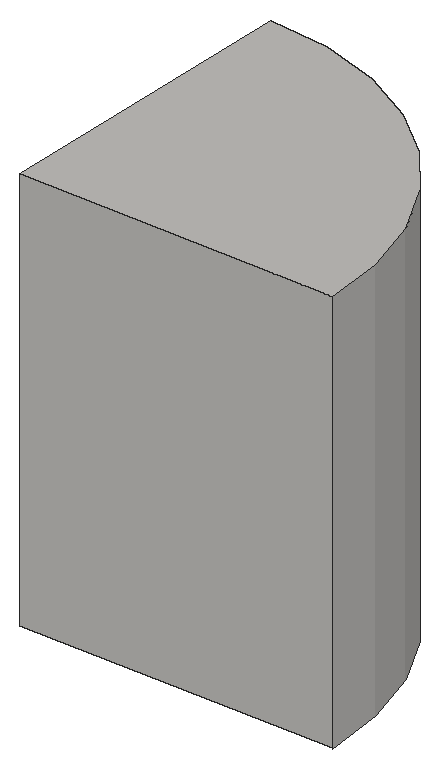
Revit family "Bench_Curved_Noble", category Specialty Equipment, host Face, Revit 2017
Family settings
  Host = Face
  Round Connector Dimension = Use Diameter
  Part Type = Normal
  OmniClass Number = 23.45.55.21
  OmniClass Title = Drains (Wastes)
  Cut with Voids When Loaded = No
  Shared = No
  Room Calculation Point = No
Parameters (values of type "Curved #406")
  Width = 32 1/2"
  URL = "www.noblecompany.com"
  Type Comments = ""
  Triangle = yes
  Tile [instance] = Stainless Steel - Brushed
  Radius = 15 1/2"
  Product Properties = "http://www.noblecompany.com/Portals/0/PRODUCT%20INFO/Product%20Descriptions/FreeStyle%20Linear%20Drain%20Product%20Decription%200410.pdf"
  Product Data = "http://www.noblecompany.com/Products/ShowerProducts/tabid/59/Default.aspx"
  Model = ""
  Manufacturer Phone - Toll Free = "800-878-5788"
  Manufacturer Phone = "231-799-8000"
  Manufacturer Fax = "231-799-8850"
  Manufacturer Email = "mailto:sales@noblecompany.com"
  Manufacturer Address = "7300 Enterprise Drive, Spring Lake, MI  49456 USA"
  Manufacturer = "Noble Company"
  Length = 32 1/2"
  Installation-Fabrication = "http://www.noblecompany.com/Portals/0/PRODUCT%20INFO/Product%20Descriptions/FreeStyle%20Linear%20Drain%20Product%20Decription%200410.pdf"
  Height = 20"
  Description = ""
  Building Codes = "http://www.noblecompany.com/Portals/0/TECHNICAL%20INFO/Listing_Testing_Certification_Reports/PMG-1065%20Noble%20Company%20Linear%20Drain%20final%202.pdf"
  Base = Polymer coated Expanded Polystyrene
  Assembly Code = "D2030300"
  Default Elevation = 0"
Reference planes (in)
  plane 1 "Center (Front/Back)": y = 0
  plane 2: z = 0
  plane 3 "Center (Left/Right)": x = 0
  plane 4: x = 15.5
  plane 5: y = 15.5
  plane 6: z = 20
Forms (in)
  Extrusion 1, solid, material "Polymer coated Expanded Polystyrene" <- "Base"
    sketch origin (0, 0, 0) x (1, 0, 0) y (0, 1, 0)
      loop
        line (0, 0) -> (15.5, 0)
        arc (15.5, 0) -> (10.96016, 10.96016) -> (0, 15.5) r 15.5
        line (0, 15.5) -> (0, 0)
    from 0 to 20
Dimensions and locks (in)
  "Height": plane 6 to level
  "Radius": plane 1 "Center (Front/Back)" to plane 5
  "Radius": plane 3 "Center (Left/Right)" to plane 4
  aligned and locked: plane 2 to host face
  aligned and locked: level to host face
  aligned and locked: plane 1 "Center (Front/Back)" to Extrusion 1 sketch curve
  aligned and locked: plane 6 to Extrusion 1
Automatic sketch dimensions
  host sketch curve to host sketch curve = 56 1/2"
  host sketch curve to host sketch curve = 49.54642"
  Extrusion 1 sketch curve to plane 3 "Center (Left/Right)" = 0"
  Extrusion 1 sketch curve to plane 4 = 0"
